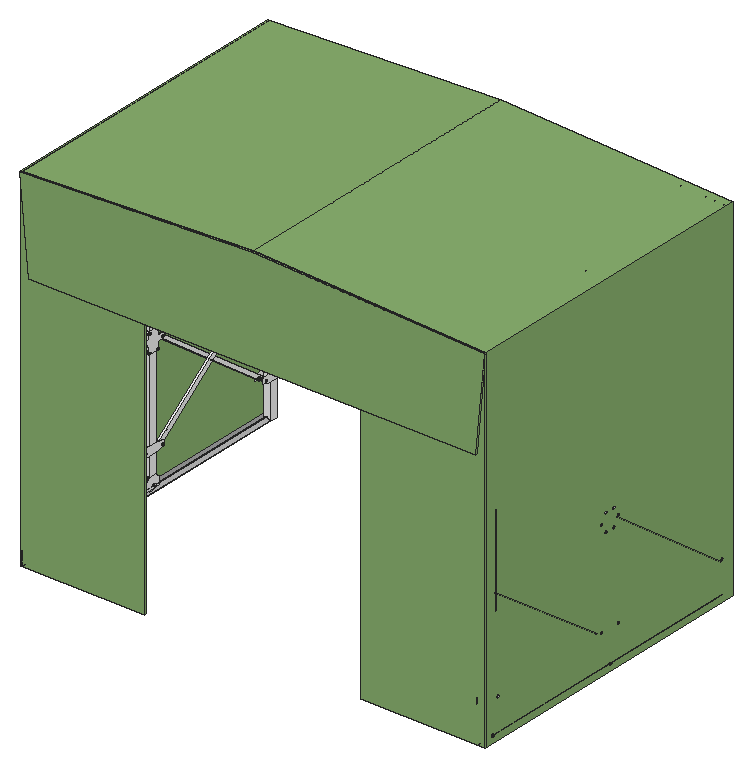
Revit family "Loading Docks_Shelter_Ultigroup_Rollout Container - PVC 3000 mm", category Generic Models, Revit 2020
Family settings
  Can host rebar = No
  Round Connector Dimension = Use Diameter
  Part Type = Normal
  OmniClass Number = 23.50.70.24
  OmniClass Title = Seals and Shelters
  Work Plane-Based = No
  Always vertical = Yes
  Cut with Voids When Loaded = No
  Shared = No
  Room Calculation Point = No
Parameters (values of type "Type 1")
  URL = "www.ultigroup.co.nz"
  Top Joins = 1400 mm
  Toll Free Phone = "0800 807 753"
  StyleOrType_ANZRS = ""
  Steel Rail = Steel Rail
  Side Flaps Wdth = 1200 mm
  Shelter Top Flap = 1000 mm
  Send Message = "http://ultigroup.co.nz/contact-ulti-group/"
  Rail Length = 3000 mm
  Phone = "07 974 4691"
  ModifiedIssue_ANZRS = 0
  Model = "Ulti Rollout Container Shelter - PVC 3000 mm"
  Manufacturer = "Ulti Group Ltd."
  InstallationGroup_ANZRS = 0
  FireRating_ANZRS = ""
  FilterObject_ANZRS = ""
  Fax = "07 846 2467"
  Dock Shelter Overall Width = 4500 mm
  Dock Shelter Overall Height = 3525 mm
  Dock Shelter Overall Depth = 3000 mm
  Dock Shelter Front Flaps = Front Flaps Material
  Dock Shelter Curtain = Curtain Material
  Dock Curtain = yes
  Description = "Rollout Container Shelter 3000 mm"
  Default Elevation = 0 mm
  Cross brace height [instance] = 800 mm
  CreatedBy_ANZRS = "Ulti Group Ltd."
  CreatedByURL_ANZRS = "www.ultigroup.co.nz"
  CreatedByPhoneNo_ANZRS = "07 974 4691"
  Connector Material = Connector Material
  Bottom Joins = 345 mm
  Address = "105 Glover Road, Hawera, 4610"
  AcousticRating_ANZRS = ""
Reference planes
  plane 1 "Center (Front/Back)": y = 0
  plane 2: z = 0
  plane 3 "Center (Left/Right)": x = 0
  plane 4: y = -3000
  plane 5: x = -2250
  plane 6: x = 2250
  plane 7: y = -1500
  plane 8: z = 3525
  plane 9: z = 2525
  plane 10: x = -1050
  plane 11: x = 1050
  plane 12: z = 150
  plane 13: z = 2125
  plane 14: z = 345
  plane 15: z = 1325
  plane 16: z = 385
  plane 17: y = -1397.5
  plane 18: y = -1602.5
  plane 19: y = -2860
  plane 20: y = -140
  plane 21: y = -108
  plane 22: x = -2212.5
  plane 23: x = 2212.5
  plane 24: y = -2892
  plane 25: y = -75
  plane 26: y = -3000
Forms (mm)
  Sweep 1, solid, material "Connector Material" <- "Connector Material"
    path origin (-2250, 0, 1200) x (0, 1, 0) y (0, 0, 1)
      loop
        line (-2860, -815) -> (-1602.5, 125)
    profile origin (-2250, -2231.25, 855) x (0, -0.598725, 0.800954) y (1, 0, 0)
      loop
        line (20, 0) -> (20, 20) -> (-20, 20) -> (-20, 0) -> (20, 0)
  Sweep 2, solid, material "Connector Material" <- "Connector Material"
    path in 3D
      loop
        line (-2230, -1614.475, 1341.019) -> (-2230, -1590.525, 1308.981)
    profile origin (-2230, -1602.5, 1325) x (0, 0.800954, 0.598725) y (1, 0, 0)
      loop
        line (0, 0) -> (0, -20) -> (20, -20) -> (20, 0) -> (0, 0)
  Sweep 3, solid, material "Connector Material" <- "Connector Material"
    path in 3D
      loop
        line (-2230, -2848.025, 368.981) -> (-2230, -2871.975, 401.019)
    profile origin (-2230, -2860, 385) x (0, -0.800954, -0.598725) y (1, 0, 0)
      loop
        line (20, 0) -> (0, 0) -> (0, -20) -> (20, -20) -> (20, 0)
  Sweep 4, solid, material "Connector Material" <- "Connector Material"
    path origin (-2250, 0, 1200) x (0, 1, 0) y (0, 0, 1)
      loop
        line (-140, -815) -> (-1397.5, 125)
    profile origin (-2250, -768.75, 855) x (0, -0.598725, -0.800954) y (1, 0, 0)
      loop
        line (20, 0) -> (20, 20) -> (-20, 20) -> (-20, 0) -> (20, 0)
  Sweep 5, solid, material "Connector Material" <- "Connector Material"
    path in 3D
      loop
        line (-2230, -1409.475, 1308.981) -> (-2230, -1385.525, 1341.019)
    profile origin (-2230, -1397.5, 1325) x (0, -0.800954, 0.598725) y (1, 0, 0)
      loop
        line (0, 0) -> (0, -20) -> (20, -20) -> (20, 0) -> (0, 0)
  Sweep 6, solid, material "Connector Material" <- "Connector Material"
    path in 3D
      loop
        line (-2230, -128.025, 401.019) -> (-2230, -151.975, 368.981)
    profile origin (-2230, -140, 385) x (0, 0.800954, -0.598725) y (1, 0, 0)
      loop
        line (20, 0) -> (0, 0) -> (0, -20) -> (20, -20) -> (20, 0)
  Sweep 7, solid, material "Connector Material" <- "Connector Material"
    path origin (2250, 0, 1200) x (0, 1, 0) y (0, 0, 1)
      loop
        line (-1397.5, 125) -> (-140, -815)
    profile origin (2250, -768.75, 855) x (0, 0.598725, 0.800954) y (1, 0, 0)
      loop
        line (20, 0) -> (-20, 0) -> (-20, -20) -> (20, -20) -> (20, 0)
  Sweep 8, solid, material "Connector Material" <- "Connector Material"
    path in 3D
      loop
        line (2230, -151.975, 368.981) -> (2230, -128.025, 401.019)
    profile origin (2230, -140, 385) x (0, 0.800954, -0.598725) y (-1, 0, 0)
      loop
        line (0, 0) -> (0, -20) -> (20, -20) -> (20, 0) -> (0, 0)
  Sweep 9, solid, material "Connector Material" <- "Connector Material"
    path in 3D
      loop
        line (2230, -1385.525, 1341.019) -> (2230, -1409.475, 1308.981)
    profile origin (2230, -1397.5, 1325) x (0, -0.800954, 0.598725) y (-1, 0, 0)
      loop
        line (20, 0) -> (0, 0) -> (0, -20) -> (20, -20) -> (20, 0)
  Sweep 10, solid, material "Connector Material" <- "Connector Material"
    path origin (-2212.5, 0, 1200) x (0, 1, 0) y (0, 0, 1)
      loop
        line (-1397.5, -815) -> (-108, 125)
    profile origin (-2212.5, -752.75, 855) x (0, -0.589066, 0.808085) y (1, 0, 0)
      loop
        line (20, 0) -> (20, 20) -> (-20, 20) -> (-20, 0) -> (20, 0)
  Sweep 11, solid, material "Connector Material" <- "Connector Material"
    path in 3D
      loop
        line (-2192.5, -119.781, 1341.162) -> (-2192.5, -96.219, 1308.838)
    profile origin (-2192.5, -108, 1325) x (0, 0.808085, 0.589066) y (1, 0, 0)
      loop
        line (0, -20) -> (20, -20) -> (20, 0) -> (0, 0) -> (0, -20)
  Sweep 12, solid, material "Connector Material" <- "Connector Material"
    path origin (-2212.5, 0, 1200) x (0, 1, 0) y (0, 0, 1)
      loop
        line (-2892, 125) -> (-1602.5, -815)
    profile origin (-2212.5, -2247.25, 855) x (0, 0.589066, 0.808085) y (1, 0, 0)
      loop
        line (20, 0) -> (20, 20) -> (-20, 20) -> (-20, 0) -> (20, 0)
  Sweep 13, solid, material "Connector Material" <- "Connector Material"
    path in 3D
      loop
        line (-2192.5, -1385.719, 368.838) -> (-2192.5, -1409.281, 401.162)
    profile origin (-2192.5, -1397.5, 385) x (0, -0.808085, -0.589066) y (1, 0, 0)
      loop
        line (0, 0) -> (0, -20) -> (20, -20) -> (20, 0) -> (0, 0)
  Sweep 14, solid, material "Connector Material" <- "Connector Material"
    path in 3D
      loop
        line (-2192.5, -2903.781, 1308.838) -> (-2192.5, -2880.219, 1341.162)
    profile origin (-2192.5, -2892, 1325) x (0, -0.808085, 0.589066) y (1, 0, 0)
      loop
        line (20, 0) -> (0, 0) -> (0, -20) -> (20, -20) -> (20, 0)
  Sweep 15, solid, material "Connector Material" <- "Connector Material"
    path in 3D
      loop
        line (-2192.5, -1590.719, 401.162) -> (-2192.5, -1614.281, 368.838)
    profile origin (-2192.5, -1602.5, 385) x (0, 0.808085, -0.589066) y (1, 0, 0)
      loop
        line (0, 0) -> (0, -20) -> (20, -20) -> (20, 0) -> (0, 0)
  Sweep 16, solid, material "Connector Material" <- "Connector Material"
    path origin (2212.5, 0, 1200) x (0, 1, 0) y (0, 0, 1)
      loop
        line (-1397.5, -815) -> (-108, 125)
    profile origin (2212.5, -752.75, 855) x (0, -0.589066, 0.808085) y (1, 0, 0)
      loop
        line (20, 0) -> (-20, 0) -> (-20, -20) -> (20, -20) -> (20, 0)
  Sweep 17, solid, material "Connector Material" <- "Connector Material"
    path in 3D
      loop
        line (2192.5, -96.219, 1308.838) -> (2192.5, -119.781, 1341.162)
    profile origin (2192.5, -108, 1325) x (0, 0.808085, 0.589066) y (-1, 0, 0)
      loop
        line (20, 0) -> (0, 0) -> (0, -20) -> (20, -20) -> (20, 0)
  Sweep 18, solid, material "Connector Material" <- "Connector Material"
    path in 3D
      loop
        line (2212.5, -1385.719, 368.838) -> (2212.5, -1409.281, 401.162)
    profile origin (2212.5, -1397.5, 385) x (0, -0.808085, -0.589066) y (1, 0, 0)
      loop
        line (20, 0) -> (0, 0) -> (0, -20) -> (20, -20) -> (20, 0)
  Sweep 19, solid, material "Connector Material" <- "Connector Material"
    path origin (2250, 0, 1200) x (0, 1, 0) y (0, 0, 1)
      loop
        line (-1602.5, 125) -> (-2860, -815)
    profile origin (2250, -2231.25, 855) x (0, 0.598725, -0.800954) y (1, 0, 0)
      loop
        line (20, 0) -> (-20, 0) -> (-20, -20) -> (20, -20) -> (20, 0)
  Sweep 20, solid, material "Connector Material" <- "Connector Material"
    path in 3D
      loop
        line (2230, -1590.525, 1308.981) -> (2230, -1614.475, 1341.019)
    profile origin (2230, -1602.5, 1325) x (0, 0.800954, 0.598725) y (-1, 0, 0)
      loop
        line (20, 0) -> (0, 0) -> (0, -20) -> (20, -20) -> (20, 0)
  Sweep 21, solid, material "Connector Material" <- "Connector Material"
    path origin (2212.5, 0, 1200) x (0, 1, 0) y (0, 0, 1)
      loop
        line (-2892, 125) -> (-1602.5, -815)
    profile origin (2212.5, -2247.25, 855) x (0, 0.589066, 0.808085) y (1, 0, 0)
      loop
        line (20, 0) -> (-20, 0) -> (-20, -20) -> (20, -20) -> (20, 0)
  Sweep 22, solid, material "Connector Material" <- "Connector Material"
    path in 3D
      loop
        line (2192.5, -2880.219, 1341.162) -> (2192.5, -2903.781, 1308.838)
    profile origin (2192.5, -2892, 1325) x (0, -0.808085, 0.589066) y (-1, 0, 0)
      loop
        line (20, 0) -> (0, 0) -> (0, -20) -> (20, -20) -> (20, 0)
  Sweep 23, solid, material "Connector Material" <- "Connector Material"
    path in 3D
      loop
        line (2192.5, -1614.281, 368.838) -> (2192.5, -1590.719, 401.162)
    profile origin (2192.5, -1602.5, 385) x (0, 0.808085, -0.589066) y (-1, 0, 0)
      loop
        line (20, 0) -> (0, 0) -> (0, -20) -> (20, -20) -> (20, 0)
  Extrusion 24, solid, material "Steel Rail" <- "Steel Rail"
    sketch origin (-4945.963, -75, 1200) x (-1, 0, 0) y (0, 0, 1)
      loop
        line (-2695.963, -1160) -> (-2698.963, -1160) -> (-2698.963, -1198) -> (-2705.463, -1198) -> (-2733.463, -1170) -> (-2761.463, -1198) -> (-2770.963, -1198) -> (-2770.963, -1200) -> (-2695.963, -1200) -> (-2695.963, -1160)
      loop
        line (-2708.291, -1198) -> (-2733.463, -1172.828) -> (-2758.634, -1198) -> (-2708.291, -1198)
    from 0 to -2925
  Extrusion 25, solid, material "Steel Rail" <- "Steel Rail"
    sketch origin (-4945.963, -75, 1200) x (-1, 0, 0) y (0, 0, 1)
      loop
        line (-7130.463, -1198) -> (-7159.065, -1169.398) -> (-7187.667, -1198) -> (-7192.963, -1198) -> (-7192.963, -1160) -> (-7195.963, -1160) -> (-7195.963, -1200) -> (-7120.963, -1200) -> (-7120.963, -1198) -> (-7130.463, -1198)
      loop
        line (-7133.291, -1198) -> (-7158.463, -1172.828) -> (-7183.634, -1198) -> (-7133.291, -1198)
    from 0 to -2925
  Extrusion 26, solid, material "Front Flaps Material" <- "Dock Shelter Front Flaps", visible <- "Dock Curtain"
    sketch origin (-1500, -3000, 1200) x (-1, 0, 0) y (0, 0, 1)
      loop
        line (-450, 2285.303) -> (-450, -1200) -> (757, -1200) -> (757, 2231.611) -> (-450, 2285.303)
      loop
        line (-2550, 2285.303) -> (-3757, 2231.611) -> (-3757, -1200) -> (-2550, -1200) -> (-2550, 2285.303)
    from -7 to 0
  Extrusion 27, solid, material "Curtain Material" <- "Dock Shelter Curtain", visible <- "Dock Curtain"
    sketch origin (0, 0, 0) x (1, 0, 0) y (0, 0, 1)
      loop
        line (0, 3525) -> (2250, 3425) -> (2250, 0) -> (2257, 0) -> (2257, 3431.611) -> (0, 3532.011) -> (-2257, 3431.611) -> (-2257, 0) -> (-2250, 0) -> (-2250, 3425) -> (0, 3525)
    from 0 to 3000
  Extrusion 28, solid, material "Front Flaps Material" <- "Dock Shelter Front Flaps", visible <- "Dock Curtain"
    sketch origin (-1500, -3000, 1200) x (-1, 0, 0) y (0, 0, 1)
      loop
        line (675, 1325) -> (757, 2231.611) -> (-1500, 2332.011) -> (-3757, 2231.611) -> (-3675, 1325) -> (675, 1325)
    from -14 to 0
Cuts and joins
  joined: Sweep 1, Sweep 2, Sweep 3
  joined: Sweep 4, Sweep 5, Sweep 6
  joined: Sweep 7, Sweep 8, Sweep 9
  joined: Sweep 10, Sweep 11, Sweep 13
  joined: Sweep 12, Sweep 14, Sweep 15
  joined: Sweep 16, Sweep 17, Sweep 18
  joined: Sweep 19, Sweep 20
  joined: Sweep 21, Sweep 22, Sweep 23
Lines and regions (mm)
  sketch lines
    curve 1: line (-2230, -1614.475, 1341.019) -> (-2230, -1590.525, 1308.981)
    curve 2: line (-2230, -2848.025, 368.981) -> (-2230, -2871.975, 401.019)
    curve 3: line (-2230, -1409.475, 1308.981) -> (-2230, -1385.525, 1341.019)
    curve 4: line (-2230, -128.025, 401.019) -> (-2230, -151.975, 368.981)
    curve 5: line (2230, -151.975, 368.981) -> (2230, -128.025, 401.019)
    curve 6: line (2230, -1385.525, 1341.019) -> (2230, -1409.475, 1308.981)
    curve 7: line (-2192.5, -119.781, 1341.162) -> (-2192.5, -96.219, 1308.838)
    curve 8: line (-2192.5, -1385.719, 368.838) -> (-2192.5, -1409.281, 401.162)
    curve 9: line (-2192.5, -2903.781, 1308.838) -> (-2192.5, -2880.219, 1341.162)
    curve 10: line (-2192.5, -1590.719, 401.162) -> (-2192.5, -1614.281, 368.838)
    curve 11: line (2192.5, -96.219, 1308.838) -> (2192.5, -119.781, 1341.162)
    curve 12: line (2212.5, -1385.719, 368.838) -> (2212.5, -1409.281, 401.162)
    curve 13: line (2230, -1590.525, 1308.981) -> (2230, -1614.475, 1341.019)
    curve 14: line (2192.5, -2880.219, 1341.162) -> (2192.5, -2903.781, 1308.838)
    curve 15: line (2192.5, -1614.281, 368.838) -> (2192.5, -1590.719, 401.162)
Dimensions and locks
  "Dock Shelter Overall Width": plane 5 to plane 6
  equal spacing: plane 5, plane 3 "Center (Left/Right)", plane 6
  "Dock Shelter Overall Depth": plane 1 "Center (Front/Back)" to plane 4
  equal spacing: plane 1 "Center (Front/Back)", plane 7, plane 4
  "Dock Shelter Overall Height": plane 8 to level
  "Shelter Top Flap": plane 8 to plane 9
  "Side Flaps Wdth": plane 10 to plane 5
  "Side Flaps Wdth": plane 6 to plane 11
  locked: plane 12 to level at 150
  "Top Joins": plane 8 to plane 13
  "Bottom Joins": plane 14 to level
  "Cross brace height": plane 13 to plane 15
  locked: plane 16 to plane 14 at 40
  locked: plane 7 to plane 17 at 102.5
  locked: plane 18 to plane 7 at 102.5
  locked: plane 4 to plane 19 at 140
  locked: plane 20 to plane 1 "Center (Front/Back)" at 140
  locked: plane 21 to plane 1 "Center (Front/Back)" at 108
  locked: plane 5 to plane 22 at 37.5
  locked: plane 23 to plane 6 at 37.5
  locked: plane 4 to plane 24 at 108
  locked: plane 25 to plane 1 "Center (Front/Back)" at 75
  "Rail Length": plane 1 "Center (Front/Back)" to plane 26
  aligned and locked: level to plane 2
  aligned and locked: nested 1 to plane 6
  aligned and locked: nested 1 to plane 5
  aligned and locked: nested 1 to plane 7
  aligned and locked: plane 3 "Center (Left/Right)" to nested 1
  aligned and locked: plane 12 to nested 1
  aligned and locked: plane 3 "Center (Left/Right)" to nested 2
  aligned and locked: plane 4 to nested 2
  aligned and locked: plane 3 "Center (Left/Right)" to nested 3
  aligned and locked: nested 3 to plane 1 "Center (Front/Back)"
  aligned and locked: nested 4 to nested 1
  aligned and locked: plane 7 to nested 4
  aligned and locked: plane 7 to nested 5
  aligned and locked: nested 5 to nested 1
  aligned and locked: nested 7 to plane 4
  aligned and locked: nested 7 to nested 2
  aligned and locked: nested 6 to plane 4
  aligned and locked: nested 6 to nested 2
  aligned and locked: nested 8 to nested 1
  aligned and locked: nested 9 to plane 7
  aligned and locked: nested 9 to nested 1
  aligned and locked: nested 11 to plane 7
  aligned and locked: nested 10 to plane 7
  aligned and locked: nested 10 to nested 1
  aligned and locked: nested 11 to nested 1
  aligned and locked: plane 14 to nested 10
  aligned and locked: plane 14 to nested 11
  aligned and locked: nested 15 to plane 4
  aligned and locked: nested 14 to plane 4
  aligned and locked: nested 14 to nested 2
  aligned and locked: nested 15 to nested 2
  aligned and locked: nested 12 to plane 1 "Center (Front/Back)"
  aligned and locked: nested 13 to plane 1 "Center (Front/Back)"
  aligned and locked: nested 13 to nested 3
  aligned and locked: nested 12 to nested 3
  aligned and locked: plane 14 to nested 13
  aligned and locked: plane 14 to nested 12
  aligned and locked: plane 14 to nested 14
  aligned and locked: plane 14 to nested 15
  aligned and locked: nested 8 to plane 7
  aligned and locked: nested 15 to Sweep 1 sketch curve
  aligned and locked: nested 9 to Sweep 1 sketch curve
  aligned and locked: profile plane to Sweep 1 sketch curve
  aligned and locked: profile plane to Sweep 2 sketch curve  (x2)
  aligned and locked: Sweep 1 to Sweep 2 sketch curve
  aligned and locked: profile plane to Sweep 3 sketch curve  (x2)
  aligned and locked: cut or joined group of Sweep 1, Sweep 2, Sweep 3 to Sweep 3 sketch curve
  aligned and locked: nested 9 to Sweep 4 sketch curve
  aligned and locked: plane 16 to Sweep 4 sketch curve
  aligned and locked: nested 13 to Sweep 4 sketch curve
  aligned and locked: profile plane to Sweep 4 sketch curve
  aligned and locked: profile plane to Sweep 5 sketch curve  (x2)
  aligned and locked: Sweep 4 to Sweep 5 sketch curve
  aligned and locked: profile plane to Sweep 6 sketch curve  (x2)
  aligned and locked: cut or joined group of Sweep 4, Sweep 5, Sweep 6 to Sweep 6 sketch curve
  aligned and locked: plane 16 to Sweep 7 sketch curve
  aligned and locked: plane 20 to Sweep 7 sketch curve
  aligned and locked: plane 15 to Sweep 7 sketch curve
  aligned and locked: plane 17 to Sweep 7 sketch curve
  aligned and locked: profile plane to Sweep 7 sketch curve
  aligned and locked: profile plane to Sweep 8 sketch curve  (x2)
  aligned and locked: Sweep 7 to Sweep 8 sketch curve
  aligned and locked: profile plane to Sweep 9 sketch curve  (x2)
  aligned and locked: cut or joined group of Sweep 7, Sweep 8, Sweep 9 to Sweep 9 sketch curve
  aligned and locked: plane 5 to nested 16
  aligned and locked: nested 16 to plane 13
  aligned and locked: nested 17 to nested 3
  aligned and locked: plane 6 to nested 17
  aligned and locked: plane 13 to nested 17
  aligned and locked: plane 15 to Sweep 10 sketch curve
  aligned and locked: plane 21 to Sweep 10 sketch curve
  aligned and locked: plane 16 to Sweep 10 sketch curve
  aligned and locked: plane 17 to Sweep 10 sketch curve
  aligned and locked: profile plane to Sweep 10 sketch curve
  aligned and locked: Sweep 11 sketch curve to Sweep 10
  aligned and locked: profile plane to Sweep 11 sketch curve
  aligned and locked: Sweep 10 to Sweep 11 sketch curve
  aligned and locked: nested 18 to nested 2
  aligned and locked: nested 18 to plane 6
  aligned and locked: nested 18 to plane 13
  aligned and locked: nested 2 to nested 19
  aligned and locked: nested 19 to plane 5
  aligned and locked: plane 13 to nested 19
  aligned and locked: plane 16 to Sweep 12 sketch curve
  aligned and locked: plane 18 to Sweep 12 sketch curve
  aligned and locked: plane 15 to Sweep 12 sketch curve
  aligned and locked: profile plane to Sweep 12 sketch curve
  aligned and locked: profile plane to Sweep 13 sketch curve  (x2)
  aligned and locked: cut or joined group of Sweep 10, Sweep 11, Sweep 13 to Sweep 13 sketch curve
  aligned and locked: Sweep 14 sketch curve to Sweep 12  (x2)
  aligned and locked: Sweep 12 to Sweep 14 sketch curve
  aligned and locked: profile plane to Sweep 15 sketch curve  (x2)
  aligned and locked: cut or joined group of Sweep 12, Sweep 14, Sweep 15 to Sweep 15 sketch curve
  aligned and locked: plane 16 to Sweep 16 sketch curve
  aligned and locked: plane 17 to Sweep 16 sketch curve
  aligned and locked: plane 15 to Sweep 16 sketch curve
  aligned and locked: plane 21 to Sweep 16 sketch curve
  aligned and locked: profile plane to Sweep 16 sketch curve
  aligned and locked: profile plane to Sweep 17 sketch curve  (x2)
  aligned and locked: Sweep 16 to Sweep 17 sketch curve
  aligned and locked: profile plane to Sweep 18 sketch curve  (x2)
  aligned and locked: cut or joined group of Sweep 16, Sweep 17, Sweep 18 to Sweep 18 sketch curve
  aligned and locked: plane 16 to Sweep 19 sketch curve
  aligned and locked: plane 19 to Sweep 19 sketch curve
  aligned and locked: plane 15 to Sweep 19 sketch curve
  aligned and locked: plane 18 to Sweep 19 sketch curve
  aligned and locked: profile plane to Sweep 19 sketch curve
  aligned and locked: profile plane to Sweep 20 sketch curve  (x2)
  aligned and locked: cut or joined group of Sweep 19, Sweep 20 to Sweep 20 sketch curve
  aligned and locked: plane 16 to Sweep 21 sketch curve
  aligned and locked: plane 18 to Sweep 21 sketch curve
  aligned and locked: plane 15 to Sweep 21 sketch curve
  aligned and locked: plane 24 to Sweep 21 sketch curve
  aligned and locked: profile plane to Sweep 21 sketch curve
  aligned and locked: profile plane to Sweep 22 sketch curve  (x2)
  aligned and locked: Sweep 21 to Sweep 22 sketch curve
  aligned and locked: profile plane to Sweep 23 sketch curve  (x2)
  aligned and locked: cut or joined group of Sweep 21, Sweep 22, Sweep 23 to Sweep 23 sketch curve
  aligned and locked: plane 5 to Extrusion 24 sketch curve
  aligned and locked: nested 7 to Extrusion 24 sketch curve  (x2)
  aligned and locked: Extrusion 24 sketch curve to plane 2
  aligned and locked: plane 25 to Extrusion 24
  aligned and locked: plane 6 to Extrusion 25 sketch curve
  aligned and locked: plane 2 to Extrusion 25 sketch curve
  aligned and locked: Extrusion 25 sketch curve to nested 6
  aligned and locked: plane 25 to Extrusion 25
  aligned and locked: Extrusion 25 to plane 26
  aligned and locked: Extrusion 24 to plane 26
  aligned and locked: cut or joined group of Sweep 12, Sweep 14, Sweep 15 to nested 21
  aligned and locked: cut or joined group of Sweep 12, Sweep 14, Sweep 15 to nested 20
  aligned and locked: plane 15 to nested 20
  aligned and locked: plane 15 to nested 21
  aligned and locked: nested 21 to plane 21
  aligned and locked: nested 20 to plane 24
  aligned and locked: nested 22 to plane 15
  aligned and locked: nested 23 to plane 15
  aligned and locked: plane 24 to nested 23
  aligned and locked: plane 21 to nested 22
  aligned and locked: nested 22 to cut or joined group of Sweep 16, Sweep 17, Sweep 18
  aligned and locked: plane 10 to Extrusion 26 sketch curve
  aligned and locked: plane 11 to Extrusion 26 sketch curve
  aligned and locked: Extrusion 26 sketch curve to level
  aligned and locked: Extrusion 27 sketch curve to nested 2  (x2)
  aligned and locked: Extrusion 27 sketch curve to plane 5
  aligned and locked: Extrusion 27 sketch curve to plane 6
  aligned and locked: Extrusion 27 sketch curve to level
  aligned and locked: Extrusion 27 to plane 1 "Center (Front/Back)"
  aligned and locked: Extrusion 27 to plane 4
  aligned and locked: Extrusion 26 sketch curve to Extrusion 27  (x3)
  aligned and locked: Extrusion 27 to Extrusion 26 sketch curve
  aligned and locked: nested 23 to cut or joined group of Sweep 21, Sweep 22, Sweep 23
  aligned and locked: plane 9 to Extrusion 28 sketch curve
  aligned and locked: Extrusion 28 sketch curve to Extrusion 26
  aligned and locked: Extrusion 28 sketch curve to Extrusion 27
  aligned and locked: plane 15 to nested 8
  aligned and locked: plane 15 to nested 9
Automatic sketch dimensions
  Sweep 1 sketch curve to plane 16 = 0 mm
  Sweep 1 sketch curve to plane 15 = 0 mm
  profile plane to Sweep 1 sketch curve = 20 mm
  Sweep 1 sketch curve to profile plane = 20 mm
  plane 5 to Sweep 1 sketch curve = 20 mm
  Sweep 2 sketch curve to profile plane = 0 mm
  Sweep 2 sketch curve to profile plane = 20 mm
  Sweep 3 sketch curve to profile plane = 20 mm
  Sweep 4 sketch curve to plane 15 = 0 mm
  plane 5 to Sweep 4 sketch curve = 20 mm
  profile plane to Sweep 4 sketch curve = 20 mm
  Sweep 4 sketch curve to profile plane = 20 mm
  Sweep 5 sketch curve to profile plane = 20 mm
  Sweep 6 sketch curve to profile plane = 20 mm
  profile plane to Sweep 7 sketch curve = 20 mm
  Sweep 7 sketch curve to plane 6 = 20 mm
  Sweep 7 sketch curve to profile plane = 20 mm
  Sweep 8 sketch curve to profile plane = 20 mm
  Sweep 9 sketch curve to profile plane = 20 mm
  plane 22 to Sweep 10 sketch curve = 20 mm
  profile plane to Sweep 10 sketch curve = 20 mm
  Sweep 10 sketch curve to profile plane = 20 mm
  Sweep 11 sketch curve to profile plane = 20 mm
  Sweep 12 sketch curve to plane 24 = 0 mm
  profile plane to Sweep 12 sketch curve = 20 mm
  plane 22 to Sweep 12 sketch curve = 20 mm
  Sweep 12 sketch curve to profile plane = 20 mm
  Sweep 13 sketch curve to profile plane = 20 mm
  Sweep 14 sketch curve to profile plane = 20 mm
  Sweep 15 sketch curve to profile plane = 20 mm
  Sweep 16 sketch curve to profile plane = 20 mm
  Sweep 16 sketch curve to plane 23 = 20 mm
  profile plane to Sweep 16 sketch curve = 20 mm
  Sweep 17 sketch curve to profile plane = 20 mm
  Sweep 18 sketch curve to profile plane = 20 mm
  profile plane to Sweep 19 sketch curve = 20 mm
  Sweep 19 sketch curve to profile plane = 20 mm
  Sweep 19 sketch curve to plane 6 = 20 mm
  Sweep 20 sketch curve to profile plane = 20 mm
  profile plane to Sweep 21 sketch curve = 20 mm
  Sweep 21 sketch curve to plane 23 = 20 mm
  Sweep 21 sketch curve to profile plane = 20 mm
  Sweep 22 sketch curve to profile plane = 20 mm
  Sweep 23 sketch curve to profile plane = 20 mm
  Extrusion 24 sketch curve to plane 22 = 0 mm  (x2)
  level to Extrusion 24 sketch curve = 2 mm  (x3)
  Extrusion 24 sketch curve to Extrusion 24 sketch curve = 9.5 mm
  Extrusion 24 sketch curve to Extrusion 24 sketch curve = 2.828 mm  (x2)
  plane 5 to Extrusion 24 sketch curve = 12.328 mm
  Extrusion 24 sketch curve to plane 12 = 110 mm
  plane 23 to Extrusion 25 sketch curve = 0.602 mm
  Extrusion 25 sketch curve to plane 23 = 0 mm
  Extrusion 25 sketch curve to plane 6 = 3 mm
  level to Extrusion 25 sketch curve = 2 mm  (x3)
  Extrusion 25 sketch curve to Extrusion 25 sketch curve = 5.296 mm
  Extrusion 25 sketch curve to Extrusion 25 sketch curve = 4.033 mm
  Extrusion 25 sketch curve to Extrusion 25 sketch curve = 2.828 mm
  Extrusion 25 sketch curve to Extrusion 25 sketch curve = 38 mm
  Extrusion 25 sketch curve to Extrusion 25 sketch curve = 12.328 mm
  Extrusion 26 sketch curve to level = 0 mm
  Extrusion 27 sketch curve to plane 5 = 7 mm
  Extrusion 27 sketch curve to Extrusion 27 sketch curve = 6.611 mm  (x2)
  plane 8 to Extrusion 27 sketch curve = 7.011 mm
  plane 3 "Center (Left/Right)" to Extrusion 27 sketch curve = 0 mm
  plane 6 to Extrusion 27 sketch curve = 7 mm
  Extrusion 27 sketch curve to level = 0 mm
  Extrusion 28 sketch curve to plane 23 = 37.5 mm
  plane 22 to Extrusion 28 sketch curve = 37.5 mm
  Extrusion 28 sketch curve to plane 5 = 7 mm
  plane 6 to Extrusion 28 sketch curve = 7 mm
Nested families
  nested 1: "Expandable Rollout Dock Shelter Main Frame" at (0, -1500, 0), Frame width <- "Dock Shelter Overall Width", Frame height <- "Dock Shelter Overall Height", type "Type 1"
    with Frame width 4500 mm, Frame height 3525 mm
  nested 2: "Expandable Rollout Dock Shelter Main Frame" at (0, -2962.5, 0), Frame height <- "Dock Shelter Overall Height", Frame width <- "Dock Shelter Overall Width", type "Type 1"
    with Frame width 4500 mm, Frame height 3525 mm
  nested 3: "Expandable Rollout Dock Shelter Main Frame" at (0, -37.5, 0), Frame height <- "Dock Shelter Overall Height", Frame width <- "Dock Shelter Overall Width", type "Type 2"
    with Frame width 4500 mm, Frame height 3525 mm, Bottom height distance 0 mm
  nested 4: "Expandable Rollout Dock Shelter Middle Wheel" at (2212.5, -1500, 150) x (1, 0, 0) z (0, 0, -1), type "Type 1"
  nested 5: "Expandable Rollout Dock Shelter Middle Wheel" at (-2212.5, -1500, 150) x (1, 0, 0) z (0, 0, -1), type "Type 1"
  nested 6: "Expandable Rollout Dock Shelter Front Wheel" at (2212.5, -2925, 150) x (-1, 0, 0) z (0, 0, -1), type "Type 1"
  nested 7: "Expandable Rollout Dock Shelter Front Wheel" at (-2212.5, -2925, 150) x (-1, 0, 0) z (0, 0, -1), type "Type 1"
  nested 8: "Upper Mid Connector" at (2212.5, -1500, 738.405), type "Type 1"
  nested 9: "Upper Mid Connector" at (-2212.5, -1500, 738.405), type "Type 1"
  nested 10: "Lower Mid Connector" at (-2212.5, -1500, -201.595), type "Type 1"
  nested 11: "Lower Mid Connector" at (2212.5, -1500, -201.595), type "Type 1"
  nested 12: "Lower End Connector" at (2212.5, -37.5, -201.595), type "Type 1"
  nested 13: "Lower End Connector" at (-2212.5, -37.5, -201.595), type "Type 1"
  nested 14: "Lower End Connector" at (-2212.5, -2962.5, -201.595) x (-1, 0, 0) z (0, 0, 1), type "Type 1"
  nested 15: "Lower End Connector" at (2212.5, -2962.5, -201.595) x (-1, 0, 0) z (0, 0, 1), type "Type 1"
  nested 16: "Connector Roller Guide" at (-2250, -75, 2125) x (1, 0, 0) z (0, -1, 0), type "Type 1"
  nested 17: "Connector Roller Guide" at (2250, -75, 2125) x (-1, 0, 0) z (0, -1, 0), type "Type 1"
  nested 18: "Connector Roller Guide" at (2250, -2925, 2125) x (-1, 0, 0) z (0, 1, 0), type "Type 1"
  nested 19: "Connector Roller Guide" at (-2250, -2925, 2125) x (1, 0, 0) z (0, 1, 0), type "Type 1"
  nested 20: "Connector Rollers" at (-2192.5, -2892, 725), type "Type 1"
  nested 21: "Connector Rollers" at (-2192.5, -108, 725), type "Type 1"
  nested 22: "Connector Rollers" at (2192.5, -108, 725) x (-1, 0, 0) z (0, 0, 1), type "Type 1"
  nested 23: "Connector Rollers" at (2192.5, -2892, 725) x (-1, 0, 0) z (0, 0, 1), type "Type 1"
Definition of nested family "Expandable Rollout Dock Shelter Main Frame"
  Parameters (values of type "Type 1")
    URL = "www.ultigroup.co.nz"
    Model = "Ulti Expandable Rollout Dock Shelter Main Frame"
    Manufacturer = "Ulti Group Ltd."
    Frame width [instance] = 3500 mm
    Frame height [instance] = 3500 mm
    Frame Width dimension = 75 mm
    Frame Slope distance = 100 mm
    Frame Material = none
    Frame Depth dimension = 75 mm
    Description = "Expandable Rollout Dock Shelter Main Frame"
    Default Elevation = 0 mm
    Bottom height distance = 150 mm
  Reference planes
    plane 1 "Center (Front/Back)": y = 0
    plane 2: z = 0
    plane 3 "Center (Left/Right)": x = 0
    plane 4: x = -1750
    plane 5: x = 1750
    plane 6: z = 3500
    plane 7: z = 150
    plane 8: z = 3400
    plane 9: z = 2900
    plane 10: x = -1675
    plane 11: x = 1675
    plane 12: x = -1712.5
    plane 13: x = 1712.5
    plane 14: y = 37.5
    plane 15: y = -37.5
  Forms (mm)
    Extrusion 1, solid, material <- "Frame Material"
      sketch origin (-2546.403, -1524, 150) x (-1, 0, 0) y (0, -1, 0)
        loop
          line (-796.403, -1561.5) -> (-796.403, -1486.5) -> (-871.403, -1486.5) -> (-871.403, -1561.5) -> (-796.403, -1561.5)
        loop
          line (-4221.403, -1486.5) -> (-4296.403, -1486.5) -> (-4296.403, -1561.5) -> (-4221.403, -1561.5) -> (-4221.403, -1486.5)
      from 0 to 2750
    Extrusion 2, solid, material <- "Frame Material"
      sketch origin (-2000, -37.5, 1200) x (-1, 0, 0) y (0, 0, 1)
        loop
          line (-250, 1700) -> (-250, 2200) -> (-2000, 2300) -> (-3750, 2200) -> (-3750, 1700) -> (-3675, 1700) -> (-3675, 2129.163) -> (-2000, 2224.878) -> (-325, 2129.163) -> (-325, 1700) -> (-250, 1700)
      from 0 to 75
  Dimensions and locks
    "Frame width": plane 4 to plane 5
    equal spacing: plane 4, plane 3 "Center (Left/Right)", plane 5
    "Bottom height distance": plane 7 to plane 2
    "Frame height": plane 6 to level
    "Frame Slope distance": plane 6 to plane 8
    locked: plane 8 to plane 9 at 500
    "Frame Width dimension": plane 4 to plane 10
    "Frame Width dimension": plane 11 to plane 5
    equal spacing: plane 4, plane 12, plane 10
    equal spacing: plane 11, plane 13, plane 5
    "Frame Depth dimension": plane 14 to plane 15
    equal spacing: plane 14, plane 1 "Center (Front/Back)", plane 15
    aligned and locked: level to plane 2
    aligned and locked: Extrusion 1 sketch curve to plane 14
    aligned and locked: Extrusion 1 sketch curve to plane 15
    aligned and locked: Extrusion 1 sketch curve to plane 4
    aligned and locked: Extrusion 1 sketch curve to plane 10
    aligned and locked: Extrusion 1 sketch curve to plane 11
    aligned and locked: Extrusion 1 sketch curve to plane 5
    aligned and locked: plane 9 to Extrusion 1
    aligned and locked: Extrusion 1 to plane 7
    aligned and locked: plane 4 to Extrusion 2 sketch curve
    aligned and locked: plane 10 to Extrusion 2 sketch curve
    aligned and locked: plane 9 to Extrusion 2 sketch curve
    aligned and locked: plane 5 to Extrusion 2 sketch curve
    aligned and locked: plane 11 to Extrusion 2 sketch curve
    aligned and locked: plane 14 to Extrusion 2
    aligned and locked: Extrusion 2 to plane 15
  Automatic sketch dimensions
    Extrusion 1 sketch curve to plane 15 = 0 mm
    Extrusion 1 sketch curve to plane 14 = 0 mm
    plane 3 "Center (Left/Right)" to Extrusion 2 sketch curve = 0 mm  (x2)
    Extrusion 2 sketch curve to plane 8 = 0 mm  (x2)
    Extrusion 2 sketch curve to plane 6 = 0 mm
    Extrusion 2 sketch curve to plane 8 = 70.837 mm  (x2)
    Extrusion 2 sketch curve to plane 6 = 75.122 mm
    Extrusion 2 sketch curve to plane 9 = 0 mm
Definition of nested family "Expandable Rollout Dock Shelter Middle Wheel"
  Parameters (values of type "Type 1")
    Zinc Coated Wheels = none
    URL = "www.ultigroup.co.nz"
    Model = "Ulti Expandable Rollout Dock Shelter Middle Wheel"
    Manufacturer = "Ulti Group Ltd."
    Description = "Expandable Rollout Dock Shelter Middle Wheel"
    Default Elevation = 1219.2 mm
    Wheel holder = none
    Bolts = none
  Reference planes
    plane 1 "Center (Front/Back)": y = 0
    plane 2: z = 0
    plane 3 "Center (Left/Right)": x = 0
    plane 4: z = 75
    plane 5: x = 25
    plane 6: x = -25
    plane 7: z = 150
    plane 8: z = 135
    plane 9: y = -75
    plane 10: y = 75
    plane 11: x = 37.5
    plane 12: x = -37.5
    plane 13: y = 37.5
    plane 14: y = -37.5
    plane 15: x = 60
    plane 16: x = -60
  Forms (mm)
    Extrusion 1, solid
      sketch origin (0, 0, 0) x (1, 0, 0) y (0, 1, 0)
        loop
          line (-1219.2, 1219.2) -> (-1219.2, -1219.2) -> (1219.2, -1219.2) -> (1219.2, 1219.2) -> (-1219.2, 1219.2)
      from 0 to -304.8
    Revolve 2, solid, material <- "Zinc Coated Wheels"
      sketch origin (0, 0, 0) x (1, 0, 0) y (0, 0, 1)
        loop
          line (-25, 135) -> (-25, 75) -> (25, 75) -> (25, 135) -> (17, 135) -> (0, 118) -> (-17, 135) -> (-25, 135)
        axis (-25, 75) -> (25, 75)
      angle from 0 to 360
    Extrusion 3, solid, material <- "Wheel holder"
      sketch origin (0, 0, 0) x (1, 0, 0) y (0, 1, 0)
        loop
          line (-37.5, 37.5) -> (-37.5, -37.5) -> (37.5, -37.5) -> (37.5, 37.5) -> (-37.5, 37.5)
      from 0 to 3
    Extrusion 4, solid, material <- "Wheel holder"
      sketch origin (37.5, 142.465, 1219.2) x (0, 1, 0) y (0, 0, 1)
        loop
          arc (-217.465, -1177.558) -> (-216.704, -1181.385) -> (-214.536, -1184.629) r 10
          line (-214.536, -1184.629) -> (-179.965, -1219.2) -> (-104.965, -1219.2) -> (-70.394, -1184.629)
          arc (-70.394, -1184.629) -> (-68.226, -1181.385) -> (-67.465, -1177.558) r 10
          line (-67.465, -1177.558) -> (-67.465, -1119.2)
          arc (-67.465, -1119.2) -> (-70.394, -1112.129) -> (-77.465, -1109.2) r 10
          line (-77.465, -1109.2) -> (-207.465, -1109.2)
          arc (-207.465, -1109.2) -> (-214.536, -1112.129) -> (-217.465, -1119.2) r 10
          line (-217.465, -1119.2) -> (-217.465, -1177.558)
      from -3 to 0
    Extrusion 5, solid, material <- "Wheel holder"
      sketch origin (-37.5, 142.465, 1219.2) x (0, 1, 0) y (0, 0, 1)
        loop
          arc (-217.465, -1177.558) -> (-216.704, -1181.385) -> (-214.536, -1184.629) r 10
          line (-214.536, -1184.629) -> (-179.965, -1219.2) -> (-104.965, -1219.2) -> (-70.394, -1184.629)
          arc (-70.394, -1184.629) -> (-68.226, -1181.385) -> (-67.465, -1177.558) r 10
          line (-67.465, -1177.558) -> (-67.465, -1119.2)
          arc (-67.465, -1119.2) -> (-70.394, -1112.129) -> (-77.465, -1109.2) r 10
          line (-77.465, -1109.2) -> (-207.465, -1109.2)
          arc (-207.465, -1109.2) -> (-214.536, -1112.129) -> (-217.465, -1119.2) r 10
          line (-217.465, -1119.2) -> (-217.465, -1177.558)
      from 0 to 3
    Extrusion 6, void
      sketch origin (-37.5, 142.465, 1219.2) x (0, -1, 0) y (0, 0, 1)
        loop
          circle (142.465, -1144.2) r 5
      from 0 to -75
    Extrusion 7, solid, material <- "Bolts"
      sketch origin (0, 0, 0) x (0, 1, 0) y (0, 0, 1)
        loop
          circle (0, 75) r 5
      from -60 to 60
    Extrusion 8, solid, material <- "Bolts"
      sketch origin (60, 142.465, 1219.2) x (0, 1, 0) y (0, 0, 1)
        loop
          circle (-142.465, -1144.2) r 5
        loop
          line (-151.465, -1144.2) -> (-146.965, -1151.994) -> (-137.965, -1151.994) -> (-133.465, -1144.2) -> (-137.965, -1136.406) -> (-146.965, -1136.406) -> (-151.465, -1144.2)
      from -10 to 0
    Extrusion 9, solid, material <- "Bolts"
      sketch origin (-60, 142.465, 1214.024) x (0, 1, 0) y (0, 0, 1)
        loop
          circle (-142.465, -1139.024) r 5
        loop
          line (-151.465, -1139.024) -> (-146.965, -1146.818) -> (-137.965, -1146.818) -> (-133.465, -1139.024) -> (-137.965, -1131.229) -> (-146.965, -1131.229) -> (-151.465, -1139.024)
      from 0 to 10
  Cuts and joins
    Extrusion 6 cuts Extrusion 3
    Extrusion 6 cuts Extrusion 4
    Extrusion 6 cuts Extrusion 5
    joined: Extrusion 3, Extrusion 4, Extrusion 5
    Extrusion 6 cuts Revolve 2
  Dimensions and locks
    locked: plane 6 to plane 5 at 50
    equal spacing: plane 6, plane 3 "Center (Left/Right)", plane 5
    locked: plane 7 to level at 150
    locked: plane 7 to plane 4 at 75
    locked: plane 8 to plane 4 at 60
    locked: plane 10 to plane 9 at 150
    equal spacing: plane 10, plane 1 "Center (Front/Back)", plane 9
    locked: plane 12 to plane 11 at 75
    equal spacing: plane 12, plane 3 "Center (Left/Right)", plane 11
    locked: plane 13 to plane 14 at 75
    equal spacing: plane 13, plane 1 "Center (Front/Back)", plane 14
    locked: plane 15 to plane 16 at 120
    equal spacing: plane 15, plane 3 "Center (Left/Right)", plane 16
    aligned and locked: plane 2 to Extrusion 1
    aligned and locked: level to Extrusion 1
    aligned and locked: Revolve 2 sketch curve to plane 4  (x2)
    aligned and locked: Revolve 2 sketch curve to plane 8
    aligned and locked: Revolve 2 sketch curve to plane 6
    aligned and locked: Revolve 2 sketch curve to plane 5
    aligned and locked: Extrusion 3 sketch curve to plane 13
    aligned and locked: Extrusion 3 sketch curve to plane 14
    aligned and locked: Extrusion 3 sketch curve to plane 11
    aligned and locked: Extrusion 3 sketch curve to plane 12
    aligned and locked: plane 9 to Extrusion 4 sketch curve
    aligned and locked: plane 10 to Extrusion 4 sketch curve
    aligned and locked: plane 2 to Extrusion 4 sketch curve
    aligned and locked: plane 9 to Extrusion 5 sketch curve
    aligned and locked: level to Extrusion 5 sketch curve
    aligned and locked: plane 10 to Extrusion 5 sketch curve
    aligned and locked: Extrusion 5 sketch curve to cut or joined group of Extrusion 3, Extrusion 4, Extrusion 5, Extrusion 6
    aligned and locked: plane 4 to Extrusion 6 sketch curve
    aligned and locked: plane 1 "Center (Front/Back)" to Extrusion 6 sketch curve
    aligned and locked: plane 11 to Extrusion 6
    aligned and locked: Extrusion 6 to plane 12
    aligned and locked: plane 15 to Extrusion 7
    aligned and locked: Extrusion 7 to plane 16
    aligned and locked: plane 4 to Extrusion 8 sketch curve
    aligned and locked: plane 1 "Center (Front/Back)" to Extrusion 8 sketch curve
    aligned and locked: plane 4 to Extrusion 9 sketch curve
    aligned and locked: plane 1 "Center (Front/Back)" to Extrusion 9 sketch curve
  Automatic sketch dimensions
    Extrusion 1 sketch curve to Extrusion 1 sketch curve = 2438.4 mm  (x2)
    Revolve 2 sketch curve to plane 3 "Center (Left/Right)" = 0 mm
    plane 6 to Revolve 2 sketch curve = 1509.635 mm
    Revolve 2 sketch curve to Revolve 2 sketch curve = 8 mm  (x2)
    Revolve 2 sketch curve to plane 5 = 1634.773 mm
    Revolve 2 sketch curve to plane 8 = 0 mm
    Extrusion 4 sketch curve to plane 14 = 0 mm
    Extrusion 4 sketch curve to plane 13 = 0 mm
    plane 9 to Extrusion 4 sketch curve = 2.929 mm
    plane 9 to Extrusion 4 sketch curve = 10 mm  (x2)
    Extrusion 4 sketch curve to Extrusion 4 sketch curve = 10 mm
    Extrusion 4 sketch curve to plane 10 = 10 mm
    Extrusion 4 sketch curve to plane 10 = 2.929 mm
    level to Extrusion 4 sketch curve = 34.571 mm  (x2)
    plane 4 to Extrusion 4 sketch curve = 25 mm
    plane 9 to Extrusion 5 sketch curve = 10 mm
    Extrusion 5 sketch curve to plane 10 = 10 mm  (x2)
    Extrusion 5 sketch curve to plane 4 = 33.358 mm
    Extrusion 5 sketch curve to plane 10 = 2.929 mm
    Extrusion 5 sketch curve to plane 13 = 0 mm
    Extrusion 5 sketch curve to plane 14 = 0 mm
    plane 9 to Extrusion 5 sketch curve = 2.929 mm
    level to Extrusion 5 sketch curve = 34.571 mm
    Extrusion 5 sketch curve to Extrusion 5 sketch curve = 7.071 mm
    Extrusion 7 sketch curve to plane 1 "Center (Front/Back)" = 0 mm
    Extrusion 7 sketch curve to plane 4 = 0 mm
    radius of Extrusion 6 sketch curve = 5 mm
    radius of Extrusion 7 sketch curve = 5 mm
    radius of Extrusion 8 sketch curve = 5 mm
    radius of Extrusion 9 sketch curve = 5 mm
Definition of nested family "Expandable Rollout Dock Shelter Front Wheel"
  Parameters (values of type "Type 1")
    Zinc Coated Wheels = none
    URL = "www.ultigroup.co.nz"
    Model = "Ulti Expandable Rollout Dock Shelter Front Wheel"
    Manufacturer = "Ulti Group Ltd."
    Description = "Expandable Rollout Dock Shelter Front Wheel"
    Default Elevation = 1219.2 mm
    Wheel holder = none
    Bolts = none
  Reference planes
    plane 1 "Center (Front/Back)": y = 0
    plane 2: z = 0
    plane 3 "Center (Left/Right)": x = 0
    plane 4: z = 75
    plane 5: x = 25
    plane 6: x = -25
    plane 7: z = 150
    plane 8: z = 135
    plane 9: y = -75
    plane 10: y = 75
    plane 11: x = 37.5
    plane 12: x = -37.5
    plane 13: x = 60
    plane 14: x = -60
  Forms (mm)
    Extrusion 1, solid
      sketch origin (0, 0, 0) x (1, 0, 0) y (0, 1, 0)
        loop
          line (-1219.2, 1219.2) -> (-1219.2, -1219.2) -> (1219.2, -1219.2) -> (1219.2, 1219.2) -> (-1219.2, 1219.2)
      from 0 to -304.8
    Revolve 2, solid, material <- "Zinc Coated Wheels"
      sketch origin (0, 0, 0) x (1, 0, 0) y (0, 0, 1)
        loop
          line (-25, 135) -> (-25, 75) -> (25, 75) -> (25, 135) -> (17, 135) -> (0, 118) -> (-17, 135) -> (-25, 135)
        axis (-25, 75) -> (25, 75)
      angle from 0 to 360
    Extrusion 3, solid, material <- "Wheel holder"
      sketch origin (0, 0, 0) x (1, 0, 0) y (0, 1, 0)
        loop
          line (-37.5, 0) -> (-37.5, -75) -> (37.5, -75) -> (37.5, 0) -> (-37.5, 0)
      from 0 to 3
    Extrusion 4, solid, material <- "Wheel holder"
      sketch origin (37.5, 142.465, 1219.2) x (0, 1, 0) y (0, 0, 1)
        loop
          line (-217.465, -1219.2) -> (-104.965, -1219.2) -> (-70.394, -1184.629)
          arc (-70.394, -1184.629) -> (-68.226, -1181.385) -> (-67.465, -1177.558) r 10
          line (-67.465, -1177.558) -> (-67.465, -1119.2)
          arc (-67.465, -1119.2) -> (-70.394, -1112.129) -> (-77.465, -1109.2) r 10
          line (-77.465, -1109.2) -> (-207.465, -1109.2)
          arc (-207.465, -1109.2) -> (-214.536, -1112.129) -> (-217.465, -1119.2) r 10
          line (-217.465, -1119.2) -> (-217.465, -1219.2)
      from -3 to 0
    Extrusion 5, solid, material <- "Wheel holder"
      sketch origin (-37.5, 142.465, 1219.2) x (0, 1, 0) y (0, 0, 1)
        loop
          line (-217.465, -1219.2) -> (-104.965, -1219.2) -> (-70.394, -1184.629)
          arc (-70.394, -1184.629) -> (-68.226, -1181.385) -> (-67.465, -1177.558) r 10
          line (-67.465, -1177.558) -> (-67.465, -1119.2)
          arc (-67.465, -1119.2) -> (-70.394, -1112.129) -> (-77.465, -1109.2) r 10
          line (-77.465, -1109.2) -> (-207.465, -1109.2)
          arc (-207.465, -1109.2) -> (-214.536, -1112.129) -> (-217.465, -1119.2) r 10
          line (-217.465, -1119.2) -> (-217.465, -1219.2)
      from 0 to 3
    Extrusion 6, void
      sketch origin (-37.5, 142.465, 1219.2) x (0, -1, 0) y (0, 0, 1)
        loop
          circle (142.465, -1144.2) r 5
      from 0 to -75
    Extrusion 7, solid, material <- "Bolts"
      sketch origin (0, 0, 0) x (0, 1, 0) y (0, 0, 1)
        loop
          circle (0, 75) r 5
      from -60 to 60
    Extrusion 8, solid, material <- "Bolts"
      sketch origin (60, 142.465, 1219.2) x (0, 1, 0) y (0, 0, 1)
        loop
          circle (-142.465, -1144.2) r 5
        loop
          line (-151.465, -1144.2) -> (-146.965, -1151.994) -> (-137.965, -1151.994) -> (-133.465, -1144.2) -> (-137.965, -1136.406) -> (-146.965, -1136.406) -> (-151.465, -1144.2)
      from -10 to 0
    Extrusion 9, solid, material <- "Bolts"
      sketch origin (-60, 142.465, 1214.024) x (0, 1, 0) y (0, 0, 1)
        loop
          circle (-142.465, -1139.024) r 5
        loop
          line (-151.465, -1139.024) -> (-146.965, -1146.818) -> (-137.965, -1146.818) -> (-133.465, -1139.024) -> (-137.965, -1131.229) -> (-146.965, -1131.229) -> (-151.465, -1139.024)
      from 0 to 10
  Cuts and joins
    Extrusion 6 cuts Extrusion 3
    Extrusion 6 cuts Extrusion 4
    Extrusion 6 cuts Extrusion 5
    joined: Extrusion 3, Extrusion 4, Extrusion 5
    Extrusion 6 cuts Revolve 2
  Dimensions and locks
    locked: plane 6 to plane 5 at 50
    equal spacing: plane 6, plane 3 "Center (Left/Right)", plane 5
    locked: plane 7 to level at 150
    locked: plane 7 to plane 4 at 75
    locked: plane 8 to plane 4 at 60
    locked: plane 10 to plane 9 at 150
    equal spacing: plane 10, plane 1 "Center (Front/Back)", plane 9
    locked: plane 12 to plane 11 at 75
    equal spacing: plane 12, plane 3 "Center (Left/Right)", plane 11
    locked: plane 13 to plane 14 at 120
    equal spacing: plane 13, plane 3 "Center (Left/Right)", plane 14
    aligned and locked: plane 2 to Extrusion 1
    aligned and locked: level to Extrusion 1
    aligned and locked: Revolve 2 sketch curve to plane 4  (x2)
    aligned and locked: Revolve 2 sketch curve to plane 8
    aligned and locked: Revolve 2 sketch curve to plane 6
    aligned and locked: Revolve 2 sketch curve to plane 5
    aligned and locked: Extrusion 3 sketch curve to plane 11
    aligned and locked: Extrusion 3 sketch curve to plane 12
    aligned and locked: plane 9 to Extrusion 4 sketch curve
    aligned and locked: plane 10 to Extrusion 4 sketch curve
    aligned and locked: plane 2 to Extrusion 4 sketch curve
    aligned and locked: plane 9 to Extrusion 5 sketch curve
    aligned and locked: level to Extrusion 5 sketch curve
    aligned and locked: plane 10 to Extrusion 5 sketch curve
    aligned and locked: Extrusion 5 sketch curve to cut or joined group of Extrusion 3, Extrusion 4, Extrusion 5, Extrusion 6
    aligned and locked: plane 4 to Extrusion 6 sketch curve
    aligned and locked: plane 1 "Center (Front/Back)" to Extrusion 6 sketch curve
    aligned and locked: plane 11 to Extrusion 6
    aligned and locked: Extrusion 6 to plane 12
    aligned and locked: plane 13 to Extrusion 7
    aligned and locked: Extrusion 7 to plane 14
    aligned and locked: plane 4 to Extrusion 8 sketch curve
    aligned and locked: plane 1 "Center (Front/Back)" to Extrusion 8 sketch curve
    aligned and locked: plane 4 to Extrusion 9 sketch curve
    aligned and locked: plane 1 "Center (Front/Back)" to Extrusion 9 sketch curve
    aligned and locked: cut or joined group of Extrusion 3, Extrusion 4, Extrusion 5, Extrusion 6 to plane 1 "Center (Front/Back)"
    aligned and locked: cut or joined group of Extrusion 3, Extrusion 4, Extrusion 5, Extrusion 6 to plane 9
  Automatic sketch dimensions
    Extrusion 1 sketch curve to Extrusion 1 sketch curve = 2438.4 mm  (x2)
    Revolve 2 sketch curve to plane 3 "Center (Left/Right)" = 0 mm
    plane 6 to Revolve 2 sketch curve = 1509.635 mm
    Revolve 2 sketch curve to Revolve 2 sketch curve = 8 mm  (x2)
    Revolve 2 sketch curve to plane 5 = 1634.773 mm
    Revolve 2 sketch curve to plane 8 = 0 mm
    plane 9 to Extrusion 4 sketch curve = 10 mm
    Extrusion 4 sketch curve to Extrusion 4 sketch curve = 10 mm
    Extrusion 4 sketch curve to plane 10 = 10 mm
    Extrusion 4 sketch curve to plane 10 = 2.929 mm
    level to Extrusion 4 sketch curve = 34.571 mm
    plane 4 to Extrusion 4 sketch curve = 25 mm
    plane 9 to Extrusion 5 sketch curve = 10 mm
    Extrusion 5 sketch curve to plane 10 = 10 mm  (x2)
    Extrusion 5 sketch curve to plane 4 = 33.358 mm
    Extrusion 5 sketch curve to plane 10 = 2.929 mm
    Extrusion 7 sketch curve to plane 1 "Center (Front/Back)" = 0 mm
    Extrusion 7 sketch curve to plane 4 = 0 mm
    plane 1 "Center (Front/Back)" to Extrusion 3 sketch curve = 75 mm
    Extrusion 3 sketch curve to plane 1 "Center (Front/Back)" = 0 mm
    Extrusion 4 sketch curve to plane 1 "Center (Front/Back)" = 37.5 mm
    Extrusion 5 sketch curve to plane 1 "Center (Front/Back)" = 37.5 mm
    radius of Extrusion 6 sketch curve = 5 mm
    radius of Extrusion 7 sketch curve = 5 mm
    radius of Extrusion 8 sketch curve = 5 mm
    radius of Extrusion 9 sketch curve = 5 mm
Definition of nested family "Upper Mid Connector"
  Parameters (values of type "Type 1")
    URL = "www.ultigroup.co.nz"
    PVC Roller = none
    Model = "Ulti Expandable Rollout Dock Shelter Upper Mid Connector"
    Manufacturer = "Ulti Group Ltd."
    Description = "Expandable Rollout Dock Shelter Upper Mid Connector"
    Default Elevation = 0 mm
    Bolts = none
    Aluminium = none
  Reference planes
    plane 1 "Center (Front/Back)": y = 0
    plane 2: z = 0
    plane 3 "Center (Left/Right)": x = 0
    plane 4: x = -37.5
    plane 5: x = 37.5
    plane 6: y = 37.5
    plane 7: y = -37.5
    plane 8: y = 57.5
    plane 9: y = -57.5
    plane 10: z = 486.595
    plane 11: z = 686.595
    plane 12: z = 586.595
    plane 13: y = -102.5
    plane 14: y = 102.5
    plane 15: z = 671.595
    plane 16: z = 501.595
    plane 17: y = -47.5
    plane 18: y = 47.5
  Forms (mm)
    Extrusion 1, solid, material <- "Aluminium"
      sketch origin (37.5, 195.577, 1200) x (0, 1, 0) y (0, 0, 1)
        loop
          line (-138.077, -707.405) -> (-138.077, -644.405)
          arc (-138.077, -644.405) -> (-136.32, -640.162) -> (-132.077, -638.405) r 6
          line (-132.077, -638.405) -> (-93.077, -638.405)
          arc (-93.077, -638.405) -> (-68.077, -613.405) -> (-93.077, -588.405) r 25
          line (-93.077, -588.405) -> (-132.077, -588.405)
          arc (-132.077, -588.405) -> (-136.32, -586.647) -> (-138.077, -582.405) r 6
          line (-138.077, -582.405) -> (-138.077, -519.405)
          arc (-138.077, -519.405) -> (-139.835, -515.162) -> (-144.077, -513.405) r 6
          line (-144.077, -513.405) -> (-247.077, -513.405)
          arc (-247.077, -513.405) -> (-251.32, -515.162) -> (-253.077, -519.405) r 6
          line (-253.077, -519.405) -> (-253.077, -582.405)
          arc (-253.077, -582.405) -> (-254.835, -586.647) -> (-259.077, -588.405) r 6
          line (-259.077, -588.405) -> (-298.077, -588.405)
          arc (-298.077, -588.405) -> (-323.077, -613.405) -> (-298.077, -638.405) r 25
          line (-298.077, -638.405) -> (-259.077, -638.405)
          arc (-259.077, -638.405) -> (-254.835, -640.162) -> (-253.077, -644.405) r 6
          line (-253.077, -644.405) -> (-253.077, -707.405)
          arc (-253.077, -707.405) -> (-251.32, -711.647) -> (-247.077, -713.405) r 6
          line (-247.077, -713.405) -> (-144.077, -713.405)
          arc (-144.077, -713.405) -> (-139.835, -711.647) -> (-138.077, -707.405) r 6
      from 0 to 3
    Extrusion 2, solid, material <- "Aluminium"
      sketch origin (-37.5, 195.577, 1200) x (0, 1, 0) y (0, 0, 1)
        loop
          line (-138.077, -707.405) -> (-138.077, -644.405)
          arc (-138.077, -644.405) -> (-136.32, -640.162) -> (-132.077, -638.405) r 6
          line (-132.077, -638.405) -> (-93.077, -638.405)
          arc (-93.077, -638.405) -> (-68.077, -613.405) -> (-93.077, -588.405) r 25
          line (-93.077, -588.405) -> (-132.077, -588.405)
          arc (-132.077, -588.405) -> (-136.32, -586.647) -> (-138.077, -582.405) r 6
          line (-138.077, -582.405) -> (-138.077, -519.405)
          arc (-138.077, -519.405) -> (-139.835, -515.162) -> (-144.077, -513.405) r 6
          line (-144.077, -513.405) -> (-247.077, -513.405)
          arc (-247.077, -513.405) -> (-251.32, -515.162) -> (-253.077, -519.405) r 6
          line (-253.077, -519.405) -> (-253.077, -582.405)
          arc (-253.077, -582.405) -> (-254.835, -586.647) -> (-259.077, -588.405) r 6
          line (-259.077, -588.405) -> (-298.077, -588.405)
          arc (-298.077, -588.405) -> (-323.077, -613.405) -> (-298.077, -638.405) r 25
          line (-298.077, -638.405) -> (-259.077, -638.405)
          arc (-259.077, -638.405) -> (-254.835, -640.162) -> (-253.077, -644.405) r 6
          line (-253.077, -644.405) -> (-253.077, -707.405)
          arc (-253.077, -707.405) -> (-251.32, -711.647) -> (-247.077, -713.405) r 6
          line (-247.077, -713.405) -> (-144.077, -713.405)
          arc (-144.077, -713.405) -> (-139.835, -711.647) -> (-138.077, -707.405) r 6
      from -3 to 0
    Extrusion 3, void
      sketch origin (-40.5, 195.577, 1200) x (0, 1, 0) y (0, 0, 1)
        loop
          circle (-148.077, -528.405) r 6
        loop
          circle (-243.077, -528.405) r 6
        loop
          circle (-148.077, -698.405) r 6
        loop
          circle (-243.077, -698.405) r 6
        loop
          circle (-298.077, -613.405) r 6
        loop
          circle (-93.077, -613.405) r 6
      from 0 to 81
    Extrusion 4, solid, material <- "Bolts"
      sketch origin (0, 0, 0) x (0, 1, 0) y (0, 0, 1)
        loop
          circle (47.5, 671.595) r 6
        loop
          circle (-47.5, 671.595) r 6
        loop
          circle (102.5, 586.595) r 6
        loop
          circle (-102.5, 586.595) r 6
        loop
          circle (-47.5, 501.595) r 6
        loop
          circle (47.5, 501.595) r 6
      from -52 to 52
    Extrusion 5, solid, material <- "PVC Roller"
      sketch origin (-37.5, 195.577, 1200) x (0, 1, 0) y (0, 0, 1)
        loop
          circle (-148.077, -528.405) r 6
        loop
          circle (-93.077, -613.405) r 6
        loop
          circle (-243.077, -528.405) r 6
        loop
          circle (-298.077, -613.405) r 6
        loop
          circle (-243.077, -698.405) r 6
        loop
          circle (-148.077, -698.405) r 6
        loop
          circle (-243.077, -528.405) r 10
        loop
          circle (-298.077, -613.405) r 10
        loop
          circle (-243.077, -698.405) r 10
        loop
          circle (-148.077, -698.405) r 10
        loop
          circle (-148.077, -528.405) r 10
        loop
          circle (-93.077, -613.405) r 10
      from 0 to 75
    Extrusion 6, solid, material <- "Bolts"
      sketch origin (40.5, 195.577, 1200) x (0, 1, 0) y (0, 0, 1)
        loop
          circle (-148.077, -528.405) r 6
        loop
          circle (-93.077, -613.405) r 6
        loop
          circle (-148.077, -698.405) r 6
        loop
          circle (-298.077, -613.405) r 6
        loop
          circle (-243.077, -698.405) r 6
        loop
          circle (-243.077, -528.405) r 6
        loop
          line (-252.077, -528.405) -> (-247.577, -536.199) -> (-238.577, -536.199) -> (-234.077, -528.405) -> (-238.577, -520.611) -> (-247.577, -520.611) -> (-252.077, -528.405)
        loop
          line (-307.077, -613.405) -> (-302.577, -621.199) -> (-293.577, -621.199) -> (-289.077, -613.405) -> (-293.577, -605.611) -> (-302.577, -605.611) -> (-307.077, -613.405)
        loop
          line (-252.077, -698.405) -> (-247.577, -706.199) -> (-238.577, -706.199) -> (-234.077, -698.405) -> (-238.577, -690.611) -> (-247.577, -690.611) -> (-252.077, -698.405)
        loop
          line (-157.077, -698.405) -> (-152.577, -706.199) -> (-143.577, -706.199) -> (-139.077, -698.405) -> (-143.577, -690.611) -> (-152.577, -690.611) -> (-157.077, -698.405)
        loop
          line (-102.077, -613.405) -> (-97.577, -621.199) -> (-88.577, -621.199) -> (-84.077, -613.405) -> (-88.577, -605.611) -> (-97.577, -605.611) -> (-102.077, -613.405)
        loop
          line (-157.077, -528.405) -> (-152.577, -536.199) -> (-143.577, -536.199) -> (-139.077, -528.405) -> (-143.577, -520.611) -> (-152.577, -520.611) -> (-157.077, -528.405)
      from 0 to 10
    Extrusion 7, solid, material <- "Bolts"
      sketch origin (-40.5, 195.577, 1200) x (0, -1, 0) y (0, 0, 1)
        loop
          circle (148.077, -528.405) r 6
        loop
          circle (93.077, -613.405) r 6
        loop
          circle (148.077, -698.405) r 6
        loop
          circle (243.077, -698.405) r 6
        loop
          circle (298.077, -613.405) r 6
        loop
          circle (243.077, -528.405) r 6
        loop
          line (252.077, -528.405) -> (247.577, -520.611) -> (238.577, -520.611) -> (234.077, -528.405) -> (238.577, -536.199) -> (247.577, -536.199) -> (252.077, -528.405)
        loop
          line (157.077, -528.405) -> (152.577, -520.611) -> (143.577, -520.611) -> (139.077, -528.405) -> (143.577, -536.199) -> (152.577, -536.199) -> (157.077, -528.405)
        loop
          line (307.077, -613.405) -> (302.577, -605.611) -> (293.577, -605.611) -> (289.077, -613.405) -> (293.577, -621.199) -> (302.577, -621.199) -> (307.077, -613.405)
        loop
          line (252.077, -698.405) -> (247.577, -690.611) -> (238.577, -690.611) -> (234.077, -698.405) -> (238.577, -706.199) -> (247.577, -706.199) -> (252.077, -698.405)
        loop
          line (157.077, -698.405) -> (152.577, -690.611) -> (143.577, -690.611) -> (139.077, -698.405) -> (143.577, -706.199) -> (152.577, -706.199) -> (157.077, -698.405)
        loop
          line (102.077, -613.405) -> (97.577, -605.611) -> (88.577, -605.611) -> (84.077, -613.405) -> (88.577, -621.199) -> (97.577, -621.199) -> (102.077, -613.405)
      from 0 to 10
  Cuts and joins
    Extrusion 3 cuts Extrusion 2
    Extrusion 3 cuts Extrusion 1
  Dimensions and locks
    locked: plane 4 to plane 5 at 75
    equal spacing: plane 4, plane 3 "Center (Left/Right)", plane 5
    locked: plane 6 to plane 7 at 75
